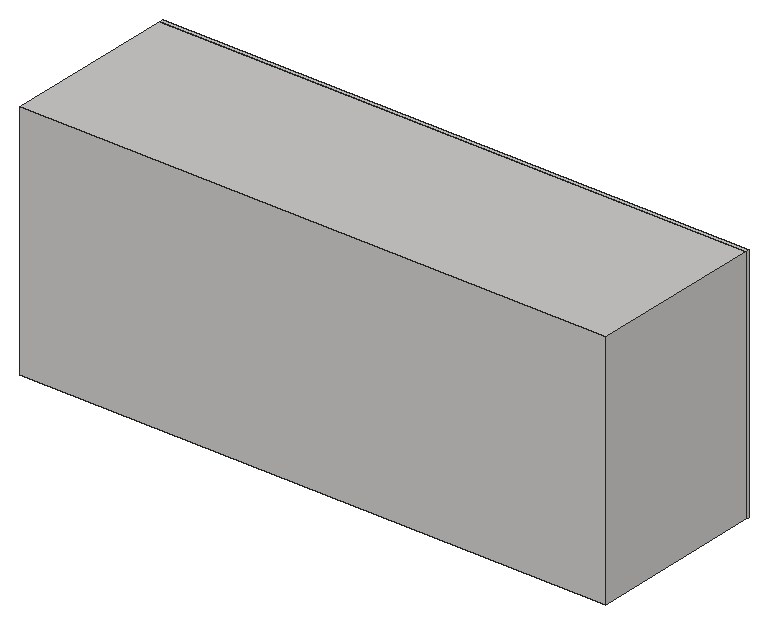
Revit family "T93052 Indus ERAP LED_Vegg", category Lighting Fixtures, Revit 2016
Family settings
  Part Type = Normal
  Round Connector Dimension = Use Diameter
  OmniClass Number = 23.80.70.11.21
  OmniClass Title = Emergency Lighting
  Work Plane-Based = No
  Always vertical = Yes
  Cut with Voids When Loaded = No
  Light Source = Yes
  Shared = No
  Room Calculation Point = No
Parameters (values of type "MarkeringsLys (Opp)")
  Type Comments = "-UN"
  NS8360 = "4431_WT2"
  Markeringslys ikke normal = no
  Markeringslys normal = yes
  Keynote = "WT2"
  Height 2 = 0 mm
  Width = 112 mm  # constant formula
  Wattage Comments = "17 W"
  Wattage = 9.2903 W
  built-in parameter 1150110 = 1 (stored number, unit not read)
  Voltage = 230 V
  URL = ""
  built-in parameter 1114217 = 1 (stored number, unit not read)
  Tilt Angle = 90.00°
  built-in parameter 1150109 = 1 (stored number, unit not read)
  built-in parameter 1150134 = 3
  Symbol Positive Direction [instance] = yes
  Symbol Offset Side [instance] = 0 mm
  Symbol Offset Out [instance] = 0 mm
  built-in parameter 1150113 = 1 (stored number, unit not read)
  Reference Line Out [instance] = 50 mm
  Photometric Web File = "20x42A12.ies"
  Number of Poles = 1
  MarkeringsLys Venstre = no
  MarkeringsLys Ned = no
  MarkeringsLys Opp = yes
  MarkeringsLys Høyre = no
  MarkeringsLys 45 Opp mot venstre = no
  MarkeringsLys 45 Opp mot høyre = no
  MarkeringsLys 45 Ned mot venstre = no
  MarkeringsLys 45 Ned mot høyre = no
  ML = yes
  built-in parameter 1150105 = 109.82 (stored number, unit not read)
  Lumens = 1380 lm
  built-in parameter 1150115 = 1 (stored number, unit not read)
  Load Classification [instance] = Other
  Model = ""
  Manufacturer = "Honeywell"
  built-in parameter 1150137 = (empty or 0)
  built-in parameter 1150139 = (empty or 0)
  Length 1 = Length - 30 mm  # 339 mm
  Length = 369 mm  # constant formula
  LedeLys = no
  built-in parameter 1150112 = 1 (stored number, unit not read)
  built-in parameter 1150114 = 1 (stored number, unit not read)
  Lamp = "1"
  built-in parameter 1150132 = (empty or 0)
  built-in parameter 1150102 = (empty or 0)
  built-in parameter 1150107 = 3200 (stored number, unit not read)
  built-in parameter 1150138 = (empty or 0)
  built-in parameter 1150106 = 1.0982 (stored number, unit not read)
  Height 1 = Height - 30 mm  # 121 mm
  Height = 151 mm  # constant formula
  Emit from Rectangle Width = Height  # 151 mm
  Emit from Rectangle Length = Length  # 369 mm
  Emit Shape Visible in Rendering = no
  built-in parameter 1150104 = 13.8 (stored number, unit not read)
  Dimming Lamp Color Temperature Shift = <None>
  Description = ""
  Color Filter = 16777215
  Body Material and Colour = Stainless Steel
  built-in parameter 1114218 = 1 (stored number, unit not read)
  built-in parameter 1150133 = 10 (stored number, unit not read)
  Assembly Code = "4431"
  Apparent Load = 17 VA
Types (8, lengths in mm): name | Markeringslys ikke normal | Markeringslys normal | MarkeringsLys Venstre | MarkeringsLys Ned | MarkeringsLys Opp | MarkeringsLys Høyre | MarkeringsLys 45 Opp mot venstre | MarkeringsLys 45 Opp mot høyre | MarkeringsLys 45 Ned mot venstre | MarkeringsLys 45 Ned mot høyre
  MarkeringsLys (Ned) | no | yes | no | yes | no | no | no | no | no | no
  MarkeringsLys (Opp) | no | yes | no | no | yes | no | no | no | no | no
  MarkeringsLys (Venstre) | yes | no | yes | no | no | no | no | no | no | no
  MarkeringsLys (Høyre) | no | yes | no | no | no | yes | no | no | no | no
  MarkeringsLys (45 Ned mot høyre) | no | yes | no | no | no | no | no | no | no | yes
  MarkeringsLys (45 Ned mot venstre) | yes | no | no | no | no | no | no | no | yes | no
  MarkeringsLys (45 Opp mot høyre) | no | yes | no | no | no | no | no | yes | no | no
  MarkeringsLys (45 Opp mot venstre) | yes | no | no | no | no | no | yes | no | no | no
Reference planes
  plane 1 "Light Source Axis (F/B)": y = 119.961
  plane 2 "Top": z = 83
  plane 3 "Light Source Axis (L/R)": x = 0
  plane 4 "Level": z = 0
  plane 5: x = -184.5
  plane 6: x = 184.5
  plane 7: y = 229.961
  plane 8: y = 231.961
  plane 9: x = -169.5
  plane 10: x = 169.5
  plane 11: z = -15
  plane 12: z = -136
  plane 13: z = -75.5
  plane 14: z = -151
Forms (mm)
  Extrusion 1, solid, material "Stainless Steel" <- "Body Material and Colour"
    sketch origin (0, 119.961, 0) x (1, 0, 0) y (0, 0, 1)
      loop
        line (-184.5, 0) -> (-184.5, -151) -> (184.5, -151) -> (184.5, 0) -> (-184.5, 0)
    from 0 to -110
  Extrusion 2, solid, material "Stainless Steel" <- "Body Material and Colour"
    sketch origin (0, 119.961, 0) x (1, 0, 0) y (0, 0, 1)
      loop
        line (169.5, -15) -> (-169.5, -15) -> (-169.5, -136) -> (169.5, -136) -> (169.5, -15)
      loop
        line (184.5, 0) -> (-184.5, 0) -> (-184.5, -151) -> (184.5, -151) -> (184.5, 0)
    from -112 to -110
Lines and regions (mm)
  model lines, style "InvisibleLines"
    curve 1: line (0, 119.961, 0) -> (0, 169.961, 0)
  symbolic lines, style "InvisibleLines"
    curve 2: line (0, 119.961, 0) -> (0, 119.961, 50)
Dimensions and locks
  equal spacing: plane 5, plane 3 "Light Source Axis (L/R)", plane 6
  "Length": plane 5 to plane 6
  plane 7 to plane 1 "Light Source Axis (F/B)" = 110 mm
  locked: plane 8 to plane 7 at 2
  equal spacing: plane 9, plane 3 "Light Source Axis (L/R)", plane 10
  "Length 1": plane 9 to plane 10
  "Width": plane 1 "Light Source Axis (F/B)" to plane 8
  "Reference Line Out": plane 1 "Light Source Axis (F/B)" to curve 1
  plane 9 to plane 5 = 15 mm
  locked: level to plane 4 "Level"
  equal spacing: plane 14, plane 13, level
  "Height": plane 14 to level
  equal spacing: plane 12, plane 13, plane 11
  "Height 1": plane 12 to plane 11
  aligned and locked: plane 7 to nested 1
  aligned and locked: plane 4 "Level" to Extrusion 1 sketch curve
  aligned and locked: plane 5 to Extrusion 1 sketch curve
  aligned and locked: Extrusion 1 sketch curve to plane 6
  aligned and locked: plane 1 "Light Source Axis (F/B)" to Extrusion 1
  aligned and locked: imposter light to plane 1 "Light Source Axis (F/B)"
  aligned and locked: imposter light to plane 3 "Light Source Axis (L/R)"
  aligned and locked: plane 1 "Light Source Axis (F/B)" to curve 1
  aligned and locked: plane 3 "Light Source Axis (L/R)" to curve 1
  aligned and locked: nested 2 to plane 3 "Light Source Axis (L/R)"
  aligned and locked: nested 2 to plane 7
  aligned and locked: nested 3 to plane 3 "Light Source Axis (L/R)"
  aligned and locked: nested 3 to plane 7
  aligned and locked: nested 4 to plane 3 "Light Source Axis (L/R)"
  aligned and locked: nested 4 to plane 7
  aligned and locked: nested 5 to plane 3 "Light Source Axis (L/R)"
  aligned and locked: nested 5 to plane 7
  aligned and locked: nested 6 to plane 7
  aligned and locked: nested 6 to plane 3 "Light Source Axis (L/R)"
  aligned and locked: nested 7 to plane 7
  aligned and locked: nested 7 to plane 3 "Light Source Axis (L/R)"
  aligned and locked: nested 8 to plane 7
  aligned and locked: nested 8 to plane 3 "Light Source Axis (L/R)"
  aligned and locked: Extrusion 2 sketch curve to plane 10
  aligned and locked: plane 9 to Extrusion 2 sketch curve
  aligned and locked: Extrusion 1 sketch curve to plane 14
  aligned and locked: Extrusion 2 sketch curve to plane 11
  aligned and locked: plane 12 to Extrusion 2 sketch curve
  aligned and locked: plane 14 to Extrusion 2 sketch curve
  aligned and locked: Extrusion 2 sketch curve to plane 6
  aligned and locked: plane 5 to Extrusion 2 sketch curve
  aligned and locked: plane 4 "Level" to Extrusion 2 sketch curve
  aligned and locked: plane 7 to Extrusion 2
  aligned and locked: Extrusion 2 to plane 8
  aligned and locked: Extrusion 1 to plane 7
  aligned and locked: nested 1 to plane 13
  aligned and locked: plane 13 to nested 2
  aligned and locked: plane 13 to nested 3
  aligned and locked: plane 13 to nested 4
  aligned and locked: plane 13 to nested 5
  aligned and locked: plane 13 to nested 6
  aligned and locked: plane 13 to nested 7
  aligned and locked: plane 13 to nested 8
  aligned and locked: plane 3 "Light Source Axis (L/R)" to curve 2
  aligned and locked: level to curve 2
  aligned and locked: plane 1 "Light Source Axis (F/B)" to nested 9
  aligned and locked: plane 3 "Light Source Axis (L/R)" to nested 9
  aligned and locked: Extrusion 1 to nested 9
  aligned and locked: nested 10 to Extrusion 1
  aligned and locked: nested 10 to plane 3 "Light Source Axis (L/R)"
Automatic sketch dimensions
  plane 2 "Top" to curve 2 = 33 mm
Nested families
  nested 1: "Formula 65_ned" at (0, 229.961, -75.5), type "Formula 65"
  nested 2: "Formula 65_skrått 45 grader ned mot høyre" at (0, 229.961, -75.5) x (-1, 0, 0) z (0, 0, 1), visible <- "LedeLys", type "Formula 65"
  nested 3: "Formula 65_skrått 45 grader ned mot venstre" at (0, 229.961, -75.5) x (-1, 0, 0) z (0, 0, 1), type "Formula 65"
  nested 4: "Formula 65_skrått 45 grader opp mot høyre" at (0, 229.961, -75.5) x (-1, 0, 0) z (0, 0, 1), type "Formula 65"
  nested 5: "Formula 65_skrått 45 grader opp mot venstre" at (0, 229.961, -75.5) x (-1, 0, 0) z (0, 0, 1), type "Formula 65"
  nested 6: "Formula 65_høyre" at (0, 229.961, -75.5) x (-1, 0, 0) z (0, 0, 1), type "Formula 65"
  nested 7: "Formula 65_opp" at (0, 229.961, -75.5) x (-1, 0, 0) z (0, 0, 1), type "Formula 65"
  nested 8: "Formula 65_venstre" at (0, 229.961, -75.5) x (-1, 0, 0) z (0, 0, 1), type "Formula 65"
  nested 9: "MarkeringslysEnkelS" at (0, 119.961, 0), type "Type 1"
  nested 10: "MarkeringslysEnkelS" at (0, 119.961, 0) x (-1, 0, 0) z (0, 0, 1), visible <- "LedeLys", type "Type 1"
Connectors
  electrical at (0, 119.961, 0), driven by "Number of Poles", driven by "Load Classification", driven by "Voltage", driven by "Apparent Load"
    settings: index 1, voltage 230 V, apparent load 0 VA, apparent load phase1 17 VA, apparent load phase2 0 VA, apparent load phase3 0 VA, power factor 1, load classification "Other", number of poles 1, system type 31, power factor state 1, is connector primary yes, connector utility no, sub classification motor no, connector description ""
Definition of nested family "Formula 65_opp"
  Parameters (values of type "Formula 65")
    Up = yes
    L = 205 mm
    H = 135 mm
  Reference planes
    plane 1 "Center (Front/Back)": y = 0
    plane 2: z = 0
    plane 3 "Center (Left/Right)": x = 0
    plane 4: y = -2
  Forms (mm)
    Extrusion 1, solid, visible <- "Up"
      sketch origin (453.48, 0, -265.275) x (1, 0, 0) y (0, 0, 1)
        loop
          line (-283.98, 325.775) -> (-622.98, 325.775) -> (-622.98, 204.775) -> (-283.98, 204.775) -> (-283.98, 325.775)
        loop
          circle (-401.6, 306.196) r 7.63
        loop
          line (-395.35, 292.774) -> (-399.33, 288.795) -> (-394.868, 281.068) -> (-407.537, 270.437)
          arc (-407.537, 270.437) -> (-408.284, 269.002) -> (-407.798, 267.459) r 2.114
          line (-407.798, 267.459) -> (-405.986, 265.301)
          arc (-405.986, 265.301) -> (-404.551, 264.554) -> (-403.008, 265.04) r 2.114
          line (-403.008, 265.04) -> (-391.291, 274.872) -> (-385.926, 265.579) -> (-398.233, 255.252) -> (-398.233, 221.62)
          arc (-398.233, 221.62) -> (-397.201, 219.129) -> (-394.71, 218.097) r 3.523
          line (-394.71, 218.097) -> (-391.188, 218.097)
          arc (-391.188, 218.097) -> (-388.697, 219.129) -> (-387.665, 221.62) r 3.523
          line (-387.665, 221.62) -> (-387.665, 250.324) -> (-380.56, 256.286) -> (-374.932, 246.538) -> (-338.348, 246.538)
          arc (-338.348, 246.538) -> (-335.857, 247.569) -> (-334.826, 250.06) r 3.523
          line (-334.826, 250.06) -> (-334.826, 253.583)
          arc (-334.826, 253.583) -> (-335.857, 256.074) -> (-338.348, 257.105) r 3.523
          line (-338.348, 257.105) -> (-356.628, 257.105) -> (-374.37, 287.835) -> (-356.038, 284.265) -> (-349.436, 272.829)
          arc (-349.436, 272.829) -> (-348.099, 271.83) -> (-346.454, 272.113) r 2.114
          line (-346.454, 272.113) -> (-344.013, 273.698)
          arc (-344.013, 273.698) -> (-343.097, 275.031) -> (-343.392, 276.622) r 2.114
          line (-343.392, 276.622) -> (-352.579, 290.769) -> (-389.234, 297.907) -> (-395.35, 292.774)
        loop
          line (-501.274, 287.257) -> (-524.892, 310.875) -> (-548.509, 287.257) -> (-548.509, 273.087) -> (-531.977, 289.619) -> (-531.977, 219.675) -> (-517.807, 219.675) -> (-517.807, 289.619) -> (-501.274, 273.087) -> (-501.274, 287.257)
      from 0 to 2
  Dimensions and locks
    aligned and locked: level to plane 2
Definition of nested family "Formula 65_ned"
  Parameters (values of type "Formula 65")
    Ned = yes
    L = 205 mm
    H = 135 mm
  Reference planes
    plane 1 "Center (Front/Back)": y = 0
    plane 2: z = 0
    plane 3 "Center (Left/Right)": x = 0
    plane 4: y = -2
  Forms (mm)
    Extrusion 1, solid, visible <- "Ned"
      sketch origin (453.48, 0, -265.275) x (1, 0, 0) y (0, 0, 1)
        loop
          line (-283.962, 325.775) -> (-622.98, 325.775) -> (-622.98, 204.775) -> (-283.962, 204.775) -> (-283.962, 325.775)
        loop
          line (-501.274, 243.292) -> (-501.274, 257.463) -> (-517.807, 240.931) -> (-517.807, 310.875) -> (-531.977, 310.875) -> (-531.977, 240.931) -> (-548.509, 257.463) -> (-548.509, 243.292) -> (-524.892, 219.675) -> (-501.274, 243.292)
        loop
          circle (-401.6, 306.196) r 7.63
        loop
          line (-395.35, 292.774) -> (-399.33, 288.795) -> (-394.868, 281.068) -> (-407.537, 270.437)
          arc (-407.537, 270.437) -> (-408.284, 269.002) -> (-407.798, 267.459) r 2.114
          line (-407.798, 267.459) -> (-405.986, 265.301)
          arc (-405.986, 265.301) -> (-404.551, 264.554) -> (-403.008, 265.04) r 2.114
          line (-403.008, 265.04) -> (-391.291, 274.872) -> (-385.926, 265.579) -> (-398.233, 255.252) -> (-398.233, 221.62)
          arc (-398.233, 221.62) -> (-397.201, 219.129) -> (-394.71, 218.097) r 3.523
          line (-394.71, 218.097) -> (-391.188, 218.097)
          arc (-391.188, 218.097) -> (-388.697, 219.129) -> (-387.665, 221.62) r 3.523
          line (-387.665, 221.62) -> (-387.665, 250.324) -> (-380.56, 256.286) -> (-374.932, 246.538) -> (-338.348, 246.538)
          arc (-338.348, 246.538) -> (-335.857, 247.569) -> (-334.826, 250.06) r 3.523
          line (-334.826, 250.06) -> (-334.826, 253.583)
          arc (-334.826, 253.583) -> (-335.857, 256.074) -> (-338.348, 257.105) r 3.523
          line (-338.348, 257.105) -> (-356.628, 257.105) -> (-374.37, 287.835) -> (-356.038, 284.265) -> (-349.436, 272.829)
          arc (-349.436, 272.829) -> (-348.099, 271.83) -> (-346.454, 272.113) r 2.114
          line (-346.454, 272.113) -> (-344.013, 273.698)
          arc (-344.013, 273.698) -> (-343.097, 275.031) -> (-343.392, 276.622) r 2.114
          line (-343.392, 276.622) -> (-352.579, 290.769) -> (-389.234, 297.907) -> (-395.35, 292.774)
      from 0 to 2
  Dimensions and locks
    aligned and locked: level to plane 2
Definition of nested family "Formula 65_skrått 45 grader ned mot høyre"
  Parameters (values of type "Formula 65")
    L = 205 mm
    H = 135 mm
    45 ned mot høyre = yes
  Reference planes
    plane 1 "Center (Front/Back)": y = 0
    plane 2: z = 0
    plane 3 "Center (Left/Right)": x = 0
    plane 4: y = -2
    plane 5: x = -242.63
    plane 6: x = 245
  Forms (mm)
    Extrusion 1, solid, visible <- "45 ned mot høyre"
      sketch origin (453.48, 0, -265.275) x (1, 0, 0) y (0, 0, 1)
        loop
          line (-283.98, 325.775) -> (-622.98, 325.775) -> (-622.98, 204.775) -> (-283.98, 204.775) -> (-283.98, 325.775)
        loop
          circle (-505.359, 306.196) r 7.63
        loop
          line (-511.609, 292.774) -> (-517.725, 297.907) -> (-554.38, 290.769) -> (-563.567, 276.622)
          arc (-563.567, 276.622) -> (-563.862, 275.031) -> (-562.946, 273.698) r 2.114
          line (-562.946, 273.698) -> (-560.505, 272.113)
          arc (-560.505, 272.113) -> (-558.86, 271.83) -> (-557.523, 272.829) r 2.114
          line (-557.523, 272.829) -> (-550.921, 284.265) -> (-532.59, 287.835) -> (-550.331, 257.105) -> (-568.611, 257.105)
          arc (-568.611, 257.105) -> (-571.102, 256.074) -> (-572.133, 253.583) r 3.523
          line (-572.133, 253.583) -> (-572.133, 250.06)
          arc (-572.133, 250.06) -> (-571.102, 247.569) -> (-568.611, 246.538) r 3.523
          line (-568.611, 246.538) -> (-532.027, 246.538) -> (-526.399, 256.286) -> (-519.294, 250.324) -> (-519.294, 221.62)
          arc (-519.294, 221.62) -> (-518.262, 219.129) -> (-515.771, 218.097) r 3.523
          line (-515.771, 218.097) -> (-512.249, 218.097)
          arc (-512.249, 218.097) -> (-509.758, 219.129) -> (-508.726, 221.62) r 3.523
          line (-508.726, 221.62) -> (-508.726, 255.252) -> (-521.033, 265.579) -> (-515.668, 274.872) -> (-503.951, 265.04)
          arc (-503.951, 265.04) -> (-502.408, 264.554) -> (-500.973, 265.301) r 2.114
          line (-500.973, 265.301) -> (-499.161, 267.459)
          arc (-499.161, 267.459) -> (-498.675, 269.002) -> (-499.422, 270.437) r 2.114
          line (-499.422, 270.437) -> (-512.091, 281.068) -> (-507.629, 288.795) -> (-511.609, 292.774)
        loop
          line (-340.014, 266.431) -> (-350.034, 276.451) -> (-350.034, 253.071) -> (-399.492, 302.529) -> (-409.512, 292.509) -> (-360.054, 243.051) -> (-383.434, 243.051) -> (-373.414, 233.031) -> (-340.014, 233.031) -> (-340.014, 266.431)
      from 0 to 2
  Dimensions and locks
    aligned and locked: level to plane 2
Definition of nested family "Formula 65_skrått 45 grader ned mot venstre"
  Parameters (values of type "Formula 65")
    L = 205 mm
    H = 135 mm
    45 ned mot venstre = yes
  Reference planes
    plane 1 "Center (Front/Back)": y = 0
    plane 2: z = 0
    plane 3 "Center (Left/Right)": x = 0
    plane 4: y = -2
  Forms (mm)
    Extrusion 1, solid, visible <- "45 ned mot venstre"
      sketch origin (453.48, 0, -265.275) x (1, 0, 0) y (0, 0, 1)
        loop
          line (-283.98, 325.775) -> (-622.98, 325.775) -> (-622.98, 204.775) -> (-283.98, 204.775) -> (-283.98, 325.775)
        loop
          circle (-401.6, 306.196) r 7.63
        loop
          line (-395.35, 292.774) -> (-399.33, 288.795) -> (-394.868, 281.068) -> (-407.537, 270.437)
          arc (-407.537, 270.437) -> (-408.284, 269.002) -> (-407.798, 267.459) r 2.114
          line (-407.798, 267.459) -> (-405.986, 265.301)
          arc (-405.986, 265.301) -> (-404.551, 264.554) -> (-403.008, 265.04) r 2.114
          line (-403.008, 265.04) -> (-391.291, 274.872) -> (-385.926, 265.579) -> (-398.233, 255.252) -> (-398.233, 221.62)
          arc (-398.233, 221.62) -> (-397.201, 219.129) -> (-394.71, 218.097) r 3.523
          line (-394.71, 218.097) -> (-391.188, 218.097)
          arc (-391.188, 218.097) -> (-388.697, 219.129) -> (-387.665, 221.62) r 3.523
          line (-387.665, 221.62) -> (-387.665, 250.324) -> (-380.56, 256.286) -> (-374.932, 246.538) -> (-338.348, 246.538)
          arc (-338.348, 246.538) -> (-335.857, 247.569) -> (-334.826, 250.06) r 3.523
          line (-334.826, 250.06) -> (-334.826, 253.583)
          arc (-334.826, 253.583) -> (-335.857, 256.074) -> (-338.348, 257.105) r 3.523
          line (-338.348, 257.105) -> (-356.628, 257.105) -> (-374.37, 287.835) -> (-356.038, 284.265) -> (-349.436, 272.829)
          arc (-349.436, 272.829) -> (-348.099, 271.83) -> (-346.454, 272.113) r 2.114
          line (-346.454, 272.113) -> (-344.013, 273.698)
          arc (-344.013, 273.698) -> (-343.097, 275.031) -> (-343.392, 276.622) r 2.114
          line (-343.392, 276.622) -> (-352.579, 290.769) -> (-389.234, 297.907) -> (-395.35, 292.774)
        loop
          line (-562.145, 266.431) -> (-562.145, 233.031) -> (-528.745, 233.031) -> (-518.725, 243.051) -> (-542.105, 243.051) -> (-492.647, 292.509) -> (-502.667, 302.529) -> (-552.125, 253.071) -> (-552.125, 276.451) -> (-562.145, 266.431)
      from 0 to 2
  Dimensions and locks
    aligned and locked: level to plane 2
Definition of nested family "Formula 65_skrått 45 grader opp mot høyre"
  Parameters (values of type "Formula 65")
    L = 205 mm
    H = 135 mm
    45 grader opp mot høyre = yes
  Reference planes
    plane 1 "Center (Front/Back)": y = 0
    plane 2: z = 0
    plane 3 "Center (Left/Right)": x = 0
    plane 4: y = -2
  Forms (mm)
    Extrusion 1, solid, visible <- "45 grader opp mot høyre"
      sketch origin (453.48, 0, -265.275) x (1, 0, 0) y (0, 0, 1)
        loop
          line (-283.98, 325.775) -> (-622.98, 325.775) -> (-622.98, 204.775) -> (-283.98, 204.775) -> (-283.98, 325.775)
        loop
          circle (-485.359, 306.196) r 7.63
        loop
          line (-491.609, 292.774) -> (-497.725, 297.907) -> (-534.38, 290.769) -> (-543.567, 276.622)
          arc (-543.567, 276.622) -> (-543.862, 275.031) -> (-542.946, 273.698) r 2.114
          line (-542.946, 273.698) -> (-540.505, 272.113)
          arc (-540.505, 272.113) -> (-538.86, 271.83) -> (-537.523, 272.829) r 2.114
          line (-537.523, 272.829) -> (-530.921, 284.265) -> (-512.59, 287.835) -> (-530.331, 257.105) -> (-548.611, 257.105)
          arc (-548.611, 257.105) -> (-551.102, 256.074) -> (-552.133, 253.583) r 3.523
          line (-552.133, 253.583) -> (-552.133, 250.06)
          arc (-552.133, 250.06) -> (-551.102, 247.569) -> (-548.611, 246.538) r 3.523
          line (-548.611, 246.538) -> (-512.027, 246.538) -> (-506.399, 256.286) -> (-499.294, 250.324) -> (-499.294, 221.62)
          arc (-499.294, 221.62) -> (-498.262, 219.129) -> (-495.771, 218.097) r 3.523
          line (-495.771, 218.097) -> (-492.249, 218.097)
          arc (-492.249, 218.097) -> (-489.758, 219.129) -> (-488.726, 221.62) r 3.523
          line (-488.726, 221.62) -> (-488.726, 255.252) -> (-501.033, 265.579) -> (-495.668, 274.872) -> (-483.951, 265.04)
          arc (-483.951, 265.04) -> (-482.408, 264.554) -> (-480.973, 265.301) r 2.114
          line (-480.973, 265.301) -> (-479.161, 267.459)
          arc (-479.161, 267.459) -> (-478.675, 269.002) -> (-479.422, 270.437) r 2.114
          line (-479.422, 270.437) -> (-492.091, 281.068) -> (-487.629, 288.795) -> (-491.609, 292.774)
        loop
          line (-360.014, 264.119) -> (-360.014, 297.519) -> (-393.414, 297.519) -> (-403.434, 287.499) -> (-380.054, 287.499) -> (-429.512, 238.041) -> (-419.492, 228.021) -> (-370.034, 277.479) -> (-370.034, 254.099) -> (-360.014, 264.119)
      from 0 to 2
  Dimensions and locks
    aligned and locked: level to plane 2
Definition of nested family "Formula 65_skrått 45 grader opp mot venstre"
  Parameters (values of type "Formula 65")
    L = 205 mm
    H = 135 mm
    45 opp mot venstre = yes
  Reference planes
    plane 1 "Center (Front/Back)": y = 0
    plane 2: z = 0
    plane 3 "Center (Left/Right)": x = 0
    plane 4: y = -2
  Forms (mm)
    Extrusion 1, solid, visible <- "45 opp mot venstre"
      sketch origin (453.48, 0, -265.275) x (1, 0, 0) y (0, 0, 1)
        loop
          line (-283.98, 325.775) -> (-622.98, 325.775) -> (-622.98, 204.775) -> (-283.98, 204.775) -> (-283.98, 325.775)
        loop
          circle (-421.6, 306.196) r 7.63
        loop
          line (-415.35, 292.774) -> (-419.33, 288.795) -> (-414.868, 281.068) -> (-427.537, 270.437)
          arc (-427.537, 270.437) -> (-428.284, 269.002) -> (-427.798, 267.459) r 2.114
          line (-427.798, 267.459) -> (-425.986, 265.301)
          arc (-425.986, 265.301) -> (-424.551, 264.554) -> (-423.008, 265.04) r 2.114
          line (-423.008, 265.04) -> (-411.291, 274.872) -> (-405.926, 265.579) -> (-418.233, 255.252) -> (-418.233, 221.62)
          arc (-418.233, 221.62) -> (-417.201, 219.129) -> (-414.71, 218.097) r 3.523
          line (-414.71, 218.097) -> (-411.188, 218.097)
          arc (-411.188, 218.097) -> (-408.697, 219.129) -> (-407.665, 221.62) r 3.523
          line (-407.665, 221.62) -> (-407.665, 250.324) -> (-400.56, 256.286) -> (-394.932, 246.538) -> (-358.348, 246.538)
          arc (-358.348, 246.538) -> (-355.857, 247.569) -> (-354.826, 250.06) r 3.523
          line (-354.826, 250.06) -> (-354.826, 253.583)
          arc (-354.826, 253.583) -> (-355.857, 256.074) -> (-358.348, 257.105) r 3.523
          line (-358.348, 257.105) -> (-376.628, 257.105) -> (-394.37, 287.835) -> (-376.038, 284.265) -> (-369.436, 272.829)
          arc (-369.436, 272.829) -> (-368.099, 271.83) -> (-366.454, 272.113) r 2.114
          line (-366.454, 272.113) -> (-364.013, 273.698)
          arc (-364.013, 273.698) -> (-363.097, 275.031) -> (-363.392, 276.622) r 2.114
          line (-363.392, 276.622) -> (-372.579, 290.769) -> (-409.234, 297.907) -> (-415.35, 292.774)
        loop
          line (-551.745, 264.119) -> (-541.725, 254.099) -> (-541.725, 277.479) -> (-492.267, 228.021) -> (-482.247, 238.041) -> (-531.705, 287.499) -> (-508.325, 287.499) -> (-518.345, 297.519) -> (-551.745, 297.519) -> (-551.745, 264.119)
      from 0 to 2
  Dimensions and locks
    aligned and locked: level to plane 2
Definition of nested family "Formula 65_høyre"
  Parameters (values of type "Formula 65")
    L = 205 mm
    Høyre = yes
    H = 135 mm
  Reference planes
    plane 1 "Center (Front/Back)": y = 0
    plane 2: z = 0
    plane 3 "Center (Left/Right)": x = 0
    plane 4: y = -2
  Forms (mm)
    Extrusion 1, solid, visible <- "Høyre"
      sketch origin (453.48, 0, -265.275) x (1, 0, 0) y (0, 0, 1)
        loop
          line (-283.98, 325.775) -> (-622.98, 325.775) -> (-622.98, 204.775) -> (-283.98, 204.775) -> (-283.98, 325.775)
        loop
          circle (-505.359, 306.196) r 7.63
        loop
          line (-511.609, 292.774) -> (-517.725, 297.907) -> (-554.38, 290.769) -> (-563.567, 276.622)
          arc (-563.567, 276.622) -> (-563.862, 275.031) -> (-562.946, 273.698) r 2.114
          line (-562.946, 273.698) -> (-560.505, 272.113)
          arc (-560.505, 272.113) -> (-558.86, 271.83) -> (-557.523, 272.829) r 2.114
          line (-557.523, 272.829) -> (-550.921, 284.265) -> (-532.59, 287.835) -> (-550.331, 257.105) -> (-568.611, 257.105)
          arc (-568.611, 257.105) -> (-571.102, 256.074) -> (-572.133, 253.583) r 3.523
          line (-572.133, 253.583) -> (-572.133, 250.06)
          arc (-572.133, 250.06) -> (-571.102, 247.569) -> (-568.611, 246.538) r 3.523
          line (-568.611, 246.538) -> (-532.027, 246.538) -> (-526.399, 256.286) -> (-519.294, 250.324) -> (-519.294, 221.62)
          arc (-519.294, 221.62) -> (-518.262, 219.129) -> (-515.771, 218.097) r 3.523
          line (-515.771, 218.097) -> (-512.249, 218.097)
          arc (-512.249, 218.097) -> (-509.758, 219.129) -> (-508.726, 221.62) r 3.523
          line (-508.726, 221.62) -> (-508.726, 255.252) -> (-521.033, 265.579) -> (-515.668, 274.872) -> (-503.951, 265.04)
          arc (-503.951, 265.04) -> (-502.408, 264.554) -> (-500.973, 265.301) r 2.114
          line (-500.973, 265.301) -> (-499.161, 267.459)
          arc (-499.161, 267.459) -> (-498.675, 269.002) -> (-499.422, 270.437) r 2.114
          line (-499.422, 270.437) -> (-512.091, 281.068) -> (-507.629, 288.795) -> (-511.609, 292.774)
        loop
          line (-347.875, 288.892) -> (-362.046, 288.892) -> (-345.513, 272.36) -> (-415.458, 272.36) -> (-415.458, 258.189) -> (-345.513, 258.189) -> (-362.046, 241.657) -> (-347.875, 241.657) -> (-324.258, 265.275) -> (-347.875, 288.892)
      from 0 to 2
  Dimensions and locks
    aligned and locked: level to plane 2
Definition of nested family "Formula 65_venstre"
  Parameters (values of type "Formula 65")
    Venstre = yes
    L = 339 mm
    H = 135 mm
  Reference planes
    plane 1 "Center (Front/Back)": y = 0
    plane 2: z = 0
    plane 3 "Center (Left/Right)": x = 0
    plane 4: y = -2
  Forms (mm)
    Extrusion 1, solid, visible <- "Venstre"
      sketch origin (453.48, 0, -265.275) x (1, 0, 0) y (0, 0, 1)
        loop
          line (-283.98, 325.775) -> (-622.98, 325.775) -> (-622.98, 204.775) -> (-283.98, 204.775) -> (-283.98, 325.775)
        loop
          circle (-401.6, 306.196) r 7.63
        loop
          line (-395.35, 292.774) -> (-399.33, 288.795) -> (-394.868, 281.068) -> (-407.537, 270.437)
          arc (-407.537, 270.437) -> (-408.284, 269.002) -> (-407.798, 267.459) r 2.114
          line (-407.798, 267.459) -> (-405.986, 265.301)
          arc (-405.986, 265.301) -> (-404.551, 264.554) -> (-403.008, 265.04) r 2.114
          line (-403.008, 265.04) -> (-391.291, 274.872) -> (-385.926, 265.579) -> (-398.233, 255.252) -> (-398.233, 221.62)
          arc (-398.233, 221.62) -> (-397.201, 219.129) -> (-394.71, 218.097) r 3.523
          line (-394.71, 218.097) -> (-391.188, 218.097)
          arc (-391.188, 218.097) -> (-388.697, 219.129) -> (-387.665, 221.62) r 3.523
          line (-387.665, 221.62) -> (-387.665, 250.324) -> (-380.56, 256.286) -> (-374.932, 246.538) -> (-338.348, 246.538)
          arc (-338.348, 246.538) -> (-335.857, 247.569) -> (-334.826, 250.06) r 3.523
          line (-334.826, 250.06) -> (-334.826, 253.583)
          arc (-334.826, 253.583) -> (-335.857, 256.074) -> (-338.348, 257.105) r 3.523
          line (-338.348, 257.105) -> (-356.628, 257.105) -> (-374.37, 287.835) -> (-356.038, 284.265) -> (-349.436, 272.829)
          arc (-349.436, 272.829) -> (-348.099, 271.83) -> (-346.454, 272.113) r 2.114
          line (-346.454, 272.113) -> (-344.013, 273.698)
          arc (-344.013, 273.698) -> (-343.097, 275.031) -> (-343.392, 276.622) r 2.114
          line (-343.392, 276.622) -> (-352.579, 290.769) -> (-389.234, 297.907) -> (-395.35, 292.774)
        loop
          line (-550.684, 288.892) -> (-574.301, 265.275) -> (-550.684, 241.657) -> (-536.513, 241.657) -> (-553.046, 258.189) -> (-483.101, 258.189) -> (-483.101, 272.36) -> (-553.046, 272.36) -> (-536.513, 288.892) -> (-550.684, 288.892)
      from 0 to 2
  Dimensions and locks
    aligned and locked: level to plane 2
Definition of nested family "MarkeringslysEnkelS"
  Parameters (values of type "Type 1")
    Venstre opp 45 = no
    Venstre ned 45 = no
    Venstre = no
    Opp = yes
    Normal = yes
    Ned = no
    Ikke normal = no
    Høyre opp 45 = no
    Høyre ned 45 = no
    Høyre = no
    CQ Symbol Positive Direction = yes
    CQ Symbol Negative Direction = not(CQ Symbol Positive Direction)  # no
    CQ Symbol Offset Side = 0 mm
    CQ Symbol Offset Out = 0 mm
  Reference planes
    plane 1: y = 0
    plane 2: x = 0
  Dimensions and locks
    "CQ Symbol Offset Out": plane 1 to nested 1
    "CQ Symbol Offset Out": plane 1 to nested 2
    "CQ Symbol Offset Side": plane 2 to nested 2
    "CQ Symbol Offset Side": nested 1 to plane 2
  Nested families
    nested 1: "Markeringslys dobbel" at (0, 0, 0), visible <- "CQ Symbol Negative Direction", type "Type 1"
    nested 2: "Markeringslys dobbel" at (0, 0, 0), visible <- "CQ Symbol Positive Direction", type "Type 1"
  Definition of nested family "Markeringslys dobbel"
    Parameters (values of type "Type 1")
      Venstre opp 45 = no
      Venstre ned 45 = no
      Venstre = no
      Opp = yes
      Normal = yes
      Ned = no
      Ikke normal = no
      Høyre opp 45 = no
      Høyre ned 45 = no
      Høyre = no
    Reference planes
      plane 1: y = 0
      plane 2: x = 0
    Lines and regions (mm)
      detail lines
        curve 1: line (-4, 4, 0) -> (4, 4, 0)
        curve 2: line (4, 4, 0) -> (4, 0, 0)
        curve 3: line (-4, 0, 0) -> (-4, 4, 0)
        curve 120: line (4, 0, 0) -> (-4, 0, 0)
      detail lines, visible <- "Ned"
        curve 4: line (-2.346, 0.5, 0) -> (-1.646, 0.5, 0)
        curve 5: line (-2.346, 0.5, 0) -> (-2.346, 2.584, 0)
        curve 6: line (-1.646, 0.5, 0) -> (-1.646, 2.584, 0)
        curve 7: line (-1.996, 3.5, 0) -> (-2.996, 2.5, 0)
        curve 8: line (-2.996, 2.5, 0) -> (-2.996, 1.934, 0)
        curve 9: line (-2.996, 1.934, 0) -> (-2.346, 2.584, 0)
        curve 10: line (-1.996, 3.5, 0) -> (-0.996, 2.5, 0)
        curve 11: line (-0.996, 2.5, 0) -> (-0.996, 1.934, 0)
        curve 12: line (-0.996, 1.934, 0) -> (-1.646, 2.584, 0)
      detail lines, visible <- "Normal"
        curve 13: circle (1.212, 0.614, 0) r 0.3 normal (0, 0, -1)
        curve 14: line (0.986, 3.7, 0) -> (1.395, 3.7, 0)
        curve 15: line (0.986, 3.7, 0) -> (1.823, 2.308, 0)
        curve 16: line (1.823, 2.308, 0) -> (1.461, 1.495, 0)
        curve 17: line (1.069, 2.147, 0) -> (1.461, 1.495, 0)
        curve 18: line (1.069, 2.147, 0) -> (0.487, 2.147, 0)
        curve 19: line (0.487, 2.147, 0) -> (0.487, 1.847, 0)
        curve 20: line (0.487, 1.847, 0) -> (0.899, 1.847, 0)
        curve 21: line (0.899, 1.847, 0) -> (1.307, 1.169, 0)
        curve 22: line (1.395, 3.7, 0) -> (2.104, 2.518, 0)
        curve 23: line (1.307, 1.169, 0) -> (1.753, 0.97, 0)
        curve 24: line (1.753, 0.97, 0) -> (2.625, 0.97, 0)
        curve 25: line (2.625, 0.97, 0) -> (2.99, 1.627, 0)
        curve 26: line (2.99, 1.627, 0) -> (2.769, 1.848, 0)
        curve 27: line (2.769, 1.848, 0) -> (2.457, 1.285, 0)
        curve 28: line (2.104, 2.518, 0) -> (2.259, 3.229, 0)
        curve 29: line (2.259, 3.229, 0) -> (3.557, 3.229, 0)
        curve 30: line (3.557, 3.229, 0) -> (3.457, 2.879, 0)
        curve 31: line (3.457, 2.879, 0) -> (2.541, 2.879, 0)
        curve 32: line (2.541, 2.879, 0) -> (2.4, 2.23, 0)
        curve 33: line (2.4, 2.23, 0) -> (2.021, 1.38, 0)
        curve 34: line (2.021, 1.38, 0) -> (2.457, 1.285, 0)
      detail lines, visible <- "Opp"
        curve 35: line (-1.646, 3.5, 0) -> (-2.346, 3.5, 0)
        curve 36: line (-1.646, 3.5, 0) -> (-1.646, 1.416, 0)
        curve 37: line (-2.346, 3.5, 0) -> (-2.346, 1.416, 0)
        curve 38: line (-1.996, 0.5, 0) -> (-0.996, 1.5, 0)
        curve 39: line (-0.996, 1.5, 0) -> (-0.996, 2.066, 0)
        curve 40: line (-0.996, 2.066, 0) -> (-1.646, 1.416, 0)
        curve 41: line (-1.996, 0.5, 0) -> (-2.996, 1.5, 0)
        curve 42: line (-2.996, 1.5, 0) -> (-2.996, 2.066, 0)
        curve 43: line (-2.996, 2.066, 0) -> (-2.346, 1.416, 0)
      detail lines, visible <- "Høyre"
        curve 44: line (-0.496, 1.65, 0) -> (-0.496, 2.35, 0)
        curve 45: line (-0.496, 1.65, 0) -> (-2.58, 1.65, 0)
        curve 46: line (-0.496, 2.35, 0) -> (-2.58, 2.35, 0)
        curve 47: line (-3.496, 2, 0) -> (-2.496, 1, 0)
        curve 48: line (-2.496, 1, 0) -> (-1.93, 1, 0)
        curve 49: line (-1.93, 1, 0) -> (-2.58, 1.65, 0)
        curve 50: line (-3.496, 2, 0) -> (-2.496, 3, 0)
        curve 51: line (-2.496, 3, 0) -> (-1.93, 3, 0)
        curve 52: line (-1.93, 3, 0) -> (-2.58, 2.35, 0)
      detail lines, visible <- "Ikke normal"
        curve 53: circle (-1.299, 0.614, 0) r 0.3 normal (0, 0, 1)
        curve 54: line (-1.073, 3.7, 0) -> (-1.482, 3.7, 0)
        curve 55: line (-1.073, 3.7, 0) -> (-1.91, 2.308, 0)
        curve 56: line (-1.91, 2.308, 0) -> (-1.548, 1.495, 0)
        curve 57: line (-1.156, 2.147, 0) -> (-1.548, 1.495, 0)
        curve 58: line (-1.156, 2.147, 0) -> (-0.574, 2.147, 0)
        curve 59: line (-0.574, 2.147, 0) -> (-0.574, 1.847, 0)
        curve 60: line (-0.574, 1.847, 0) -> (-0.986, 1.847, 0)
        curve 61: line (-0.986, 1.847, 0) -> (-1.394, 1.169, 0)
        curve 62: line (-1.482, 3.7, 0) -> (-2.192, 2.518, 0)
        curve 63: line (-1.394, 1.169, 0) -> (-1.84, 0.97, 0)
        curve 64: line (-1.84, 0.97, 0) -> (-2.713, 0.97, 0)
        curve 65: line (-2.713, 0.97, 0) -> (-3.077, 1.627, 0)
        curve 66: line (-3.077, 1.627, 0) -> (-2.856, 1.848, 0)
        curve 67: line (-2.856, 1.848, 0) -> (-2.544, 1.285, 0)
        curve 68: line (-2.192, 2.518, 0) -> (-2.346, 3.229, 0)
        curve 69: line (-2.346, 3.229, 0) -> (-3.644, 3.229, 0)
        curve 70: line (-3.644, 3.229, 0) -> (-3.544, 2.879, 0)
        curve 71: line (-3.544, 2.879, 0) -> (-2.628, 2.879, 0)
        curve 72: line (-2.628, 2.879, 0) -> (-2.487, 2.23, 0)
        curve 73: line (-2.487, 2.23, 0) -> (-2.108, 1.38, 0)
        curve 74: line (-2.108, 1.38, 0) -> (-2.544, 1.285, 0)
      detail lines, visible <- "Venstre"
        curve 75: line (0.409, 1.65, 0) -> (0.409, 2.35, 0)
        curve 76: line (0.409, 1.65, 0) -> (2.493, 1.65, 0)
        curve 77: line (0.409, 2.35, 0) -> (2.493, 2.35, 0)
        curve 78: line (3.409, 2, 0) -> (2.409, 1, 0)
        curve 79: line (2.409, 1, 0) -> (1.843, 1, 0)
        curve 80: line (1.843, 1, 0) -> (2.493, 1.65, 0)
        curve 81: line (3.409, 2, 0) -> (2.409, 3, 0)
        curve 82: line (2.409, 3, 0) -> (1.843, 3, 0)
        curve 83: line (1.843, 3, 0) -> (2.493, 2.35, 0)
      detail lines, visible <- "Venstre ned 45"
        curve 84: line (1.096, 0.939, 0) -> (0.601, 1.434, 0)
        curve 85: line (1.096, 0.939, 0) -> (2.57, 2.413, 0)
        curve 86: line (0.601, 1.434, 0) -> (2.075, 2.908, 0)
        curve 87: line (2.97, 3.308, 0) -> (2.97, 1.894, 0)
        curve 88: line (2.97, 1.894, 0) -> (2.57, 1.494, 0)
        curve 89: line (2.57, 1.494, 0) -> (2.57, 2.413, 0)
        curve 90: line (2.97, 3.308, 0) -> (1.556, 3.308, 0)
        curve 91: line (1.556, 3.308, 0) -> (1.156, 2.908, 0)
        curve 92: line (1.156, 2.908, 0) -> (2.075, 2.908, 0)
      detail lines, visible <- "Venstre opp 45"
        curve 93: line (0.601, 2.813, 0) -> (1.096, 3.308, 0)
        curve 94: line (0.601, 2.813, 0) -> (2.075, 1.339, 0)
        curve 95: line (1.096, 3.308, 0) -> (2.57, 1.834, 0)
        curve 96: line (2.97, 0.939, 0) -> (1.556, 0.939, 0)
        curve 97: line (1.556, 0.939, 0) -> (1.156, 1.339, 0)
        curve 98: line (1.156, 1.339, 0) -> (2.075, 1.339, 0)
        curve 99: line (2.97, 0.939, 0) -> (2.97, 2.354, 0)
        curve 100: line (2.97, 2.354, 0) -> (2.57, 2.754, 0)
        curve 101: line (2.57, 2.754, 0) -> (2.57, 1.834, 0)
      detail lines, visible <- "Høyre ned 45"
        curve 102: line (-1.18, 0.517, 0) -> (-0.685, 1.012, 0)
        curve 103: line (-1.18, 0.517, 0) -> (-2.654, 1.991, 0)
        curve 104: line (-0.685, 1.012, 0) -> (-2.159, 2.486, 0)
        curve 105: line (-3.054, 2.886, 0) -> (-3.054, 1.472, 0)
        curve 106: line (-3.054, 1.472, 0) -> (-2.654, 1.072, 0)
        curve 107: line (-2.654, 1.072, 0) -> (-2.654, 1.991, 0)
        curve 108: line (-3.054, 2.886, 0) -> (-1.64, 2.886, 0)
        curve 109: line (-1.64, 2.886, 0) -> (-1.24, 2.486, 0)
        curve 110: line (-1.24, 2.486, 0) -> (-2.159, 2.486, 0)
      detail lines, visible <- "Høyre opp 45"
        curve 111: line (-0.685, 2.391, 0) -> (-1.18, 2.886, 0)
        curve 112: line (-0.685, 2.391, 0) -> (-2.159, 0.917, 0)
        curve 113: line (-1.18, 2.886, 0) -> (-2.654, 1.412, 0)
        curve 114: line (-3.054, 0.517, 0) -> (-1.64, 0.517, 0)
        curve 115: line (-1.64, 0.517, 0) -> (-1.24, 0.917, 0)
        curve 116: line (-1.24, 0.917, 0) -> (-2.159, 0.917, 0)
        curve 117: line (-3.054, 0.517, 0) -> (-3.054, 1.932, 0)
        curve 118: line (-3.054, 1.932, 0) -> (-2.654, 2.332, 0)
        curve 119: line (-2.654, 2.332, 0) -> (-2.654, 1.483, 0)
